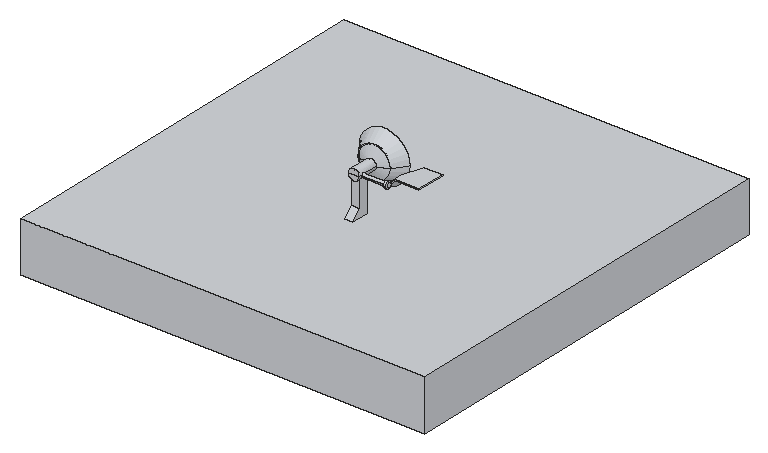
Revit family "M_Lavador de olho de emergência", category Peças hidrossanitárias, Revit 2019
Family settings
  Hospedeiro = Face
  Cota do conector redondo = Usar raio
  Tipo de parte = Normal
  Número OmniClass = 23.45.05.14.24
  Título OmniClass = Eye Wash Fountains
  ID de item do Seek = Emergency Eye Wash-0000-CAN-ENU
  Corte com vazios quando carregada = Não
  Compartilhado = Não
  Ponto de cálculo do ambiente = Não
Parameters (values of type "Padrão")
  Raio do sanitário = 16 mm
  Diâmetro do sanitário = Raio do sanitário * 2  # 32 mm
  WFU = 3
  Material da cabeça da mola = none
  HWFU = 0
  Pressão do fluxo [instance] = 206843.0 Pa
  Material do lavador de olhos = none
  Elevação-padrão = 1000 mm
  Raio da água gelada = 7.5 mm
  Diâmetro da água gelada = Raio da água gelada * 2  # 15 mm
  CWFU = 2
  Material da fita = none
Reference planes
  plane 1 "Centro (Frente/Trás)": y = 0
  plane 2: z = 0
  plane 3 "Centro (Esquerda/Direita)": x = 0
  plane 4: z = 228.6
  plane 5: x = -152.4
  plane 6: x = -97.631
  plane 7: y = -76.2
  plane 8: y = -101.6
  plane 9: x = -31.75
  plane 10: y = -228.6
  plane 11: y = -266.7
  plane 12: y = -215.9
  plane 13: y = -165.1
  plane 14: y = -203.2
  plane 15: x = 190.5
  plane 16: x = 188.119
  plane 17: z = 209.55
  plane 18: z = 50.8
  plane 19: x = -25.4
  plane 20: x = 25.4
  plane 21: y = -184.15
  plane 22: y = -222.25
  plane 23: y = 30.162
  plane 24: y = -88.9
  plane 25: y = -146.05
  plane 26: x = 327.819
  plane 27: x = 213.519
  plane 28: z = 230.187
  plane 29: z = 227.012
  plane 30: x = 85.725
  plane 31: y = -38.894
  plane 32: x = 53.181
  plane 33: x = 175.419
Forms (mm)
  Extrusion 1, solid
    sketch origin (0, 0, 0) x (1, 0, 0) y (0, 1, 0)
      loop
        line (-1219.2, 1219.2) -> (-1219.2, -1219.2) -> (1219.2, -1219.2) -> (1219.2, 1219.2) -> (-1219.2, 1219.2)
    from 0 to -304.8
  Revolve 2, solid, material <- "Material do lavador de olhos"
    sketch origin (1621.138, 0, 228.6) x (1, 0, 0) y (0, 1, 0)
      loop
        line (-1773.538, 0) -> (-1718.769, -76.2) -> (-1713.882, -76.2) -> (-1768.65, 0) -> (-1773.538, 0)
      axis (-1621.138, 0) -> (-1621.138, -76.2)
    angle from 0 to 360
  Revolve 3, solid, material <- "Material do lavador de olhos"
    sketch origin (1621.138, 0, 228.6) x (1, 0, 0) y (0, 1, 0)
      loop
        line (-1718.769, -76.2) -> (-1652.888, -101.6) -> (-1652.888, -228.6) -> (-1621.138, -228.6) -> (-1621.138, -76.2) -> (-1718.769, -76.2)
      axis (-1621.138, -76.2) -> (-1621.138, -228.6)
    angle from 0 to 360
  Extrusion 4, solid, material <- "Material do lavador de olhos"
    sketch origin (0, 0, 0) x (0, 1, 0) y (0, 0, 1)
      loop
        circle (-203.2, 228.6) r 10.716
    from 0 to 190.5
  Extrusion 5, solid, material <- "Material do lavador de olhos"
    sketch origin (0, 0, 0) x (0, 1, 0) y (0, 0, 1)
      loop
        circle (-203.2, 228.6) r 19.05
    from 175.419 to 188.119
  Extrusion 6, solid, material <- "Material do lavador de olhos"
    sketch origin (0, 0, 0) x (0, 1, 0) y (0, 0, 1)
      loop
        line (-215.9, 209.55) -> (-215.9, 50.8) -> (-266.7, 0) -> (-165.1, 0) -> (-165.1, 209.55) -> (-215.9, 209.55)
    from -25.4 to 25.4
  Extrusion 7, solid, material <- "Material da fita"
    sketch origin (1621.138, 0, 228.6) x (1, 0, 0) y (0, 1, 0)
      loop
        line (-1407.619, 30.162) -> (-1445.719, -88.9) -> (-1445.719, -184.15) -> (-1433.019, -184.15) -> (-1433.019, -146.05) -> (-1293.319, -146.05) -> (-1293.319, 30.162) -> (-1407.619, 30.162)
    from -1.588 to 1.588
  Sweep 8, solid, material <- "Material do lavador de olhos"
    path origin (1621.138, 0, 228.6) x (1, 0, 0) y (0, 1, 0)
      loop
        line (-1535.413, -76.2) -> (-1535.413, -38.894)
        arc (-1535.413, -38.894) -> (-1536.522, -30.471) -> (-1539.773, -22.622) r 32.544
        line (-1539.773, -22.622) -> (-1558.426, 9.686)
    profile origin (85.725, -57.547, 228.6) x (-1, 0, 0) y (0, 0, 1)
      loop
        circle (0, 0) r 6.35
  Sweep 9, solid, material <- "Material da cabeça da mola"
    path origin (1621.138, 0, 228.6) x (1, 0, 0) y (0, 1, 0)
      loop
        line (-1558.426, 9.686) -> (-1564.776, 20.685)
    profile origin (59.537, 15.186, 228.6) x (-0.866025, -0.5, 0) y (0, 0, 1)
      loop
        circle (0, 0) r 12.7
  Sweep 10, solid, material <- "Material do lavador de olhos"
    path origin (-1621.138, 0, 228.6) x (-1, 0, 0) y (0, -1, 0)
      loop
        line (-1535.413, 76.2) -> (-1535.413, 38.894)
        arc (-1535.413, 38.894) -> (-1536.522, 30.471) -> (-1539.773, 22.622) r 32.544
        line (-1539.773, 22.622) -> (-1558.426, -9.686)
    profile origin (-85.725, -57.547, 228.6) x (-1, 0, 0) y (0, 0, 1)
      loop
        circle (0, 0) r 6.35
  Sweep 11, solid, material <- "Material da cabeça da mola"
    path origin (-1621.138, 0, 228.6) x (-1, 0, 0) y (0, -1, 0)
      loop
        line (-1558.426, -9.686) -> (-1564.776, -20.685)
    profile origin (-59.537, 15.186, 228.6) x (-0.866025, 0.5, 0) y (0, 0, 1)
      loop
        circle (0, 0) r 12.7
Cuts and joins
  joined: Revolve 3, Extrusion 4, Extrusion 5, Extrusion 6
Dimensions and locks
  locked: plane 4 to plane 2 at 228.6
  locked: plane 5 to plane 3 "Centro (Esquerda/Direita)" at 152.4
  locked: plane 6 to plane 3 "Centro (Esquerda/Direita)" at 97.631
  locked: plane 7 to plane 1 "Centro (Frente/Trás)" at 76.2
  locked: plane 8 to plane 7 at 25.4
  locked: plane 9 to plane 3 "Centro (Esquerda/Direita)" at 31.75
  locked: plane 10 to plane 8 at 127
  locked: plane 12 to plane 10 at 12.7
  locked: plane 13 to plane 12 at 50.8
  locked: plane 13 to plane 11 at 101.6
  locked: plane 14 to plane 10 at 25.4
  locked: plane 17 to plane 4 at 19.05
  locked: plane 17 to plane 18 at 158.75
  locked: plane 19 to plane 3 "Centro (Esquerda/Direita)" at 25.4
  locked: plane 3 "Centro (Esquerda/Direita)" to plane 20 at 25.4
  locked: plane 21 to plane 14 at 19.05
  locked: plane 23 to plane 22 at 252.413
  locked: plane 23 to plane 24 at 119.063
  locked: plane 23 to plane 25 at 176.213
  locked: plane 3 "Centro (Esquerda/Direita)" to plane 26 at 327.819
  locked: plane 3 "Centro (Esquerda/Direita)" to plane 27 at 213.519
  locked: plane 4 to plane 28 at 1.588
  locked: plane 29 to plane 4 at 1.587
  locked: plane 3 "Centro (Esquerda/Direita)" to plane 30 at 85.725
  locked: plane 31 to plane 7 at 37.306
  locked: plane 32 to plane 30 at 32.544
  locked: cut or joined group of Revolve 3, Extrusion 4, Extrusion 5, Extrusion 6 to connector elem at 15.081
  locked: connector elem to plane 11 at 50.8
  locked: plane 3 "Centro (Esquerda/Direita)" to plane 15 at 190.5
  locked: plane 16 to plane 15 at 2.381
  locked: plane 33 to plane 16 at 12.7
  aligned and locked: plane 2 to Extrusion 1
  aligned and locked: level to Extrusion 1
  aligned and locked: plane 5 to Revolve 2 sketch curve
  aligned and locked: plane 1 "Centro (Frente/Trás)" to Revolve 2 sketch curve  (x4)
  aligned and locked: plane 7 to Revolve 2 sketch curve  (x2)
  aligned and locked: plane 6 to Revolve 2 sketch curve
  aligned and locked: Revolve 2 sketch curve to plane 7
  aligned and locked: Revolve 2 sketch curve to plane 3 "Centro (Esquerda/Direita)"
  aligned and locked: plane 7 to Revolve 3 sketch curve  (x2)
  aligned and locked: plane 6 to Revolve 3 sketch curve
  aligned and locked: plane 8 to Revolve 3 sketch curve
  aligned and locked: plane 9 to Revolve 3 sketch curve
  aligned and locked: Revolve 3 sketch curve to plane 9
  aligned and locked: plane 3 "Centro (Esquerda/Direita)" to Revolve 3 sketch curve
  aligned and locked: Revolve 3 sketch curve to plane 10
  aligned and locked: Revolve 3 sketch curve to Revolve 3 sketch curve  (x2)
  aligned and locked: plane 14 to Extrusion 4 sketch curve
  aligned and locked: plane 4 to Extrusion 4 sketch curve
  aligned and locked: plane 15 to Extrusion 4
  aligned and locked: plane 14 to Extrusion 5 sketch curve
  aligned and locked: plane 4 to Extrusion 5 sketch curve
  aligned and locked: plane 16 to Extrusion 5
  aligned and locked: plane 17 to Extrusion 6 sketch curve
  aligned and locked: Extrusion 6 sketch curve to plane 13
  aligned and locked: plane 12 to Extrusion 6 sketch curve  (x2)
  aligned and locked: Extrusion 6 sketch curve to plane 2
  aligned and locked: plane 18 to Extrusion 6 sketch curve
  aligned and locked: plane 11 to Extrusion 6 sketch curve
  aligned and locked: plane 2 to Extrusion 6 sketch curve
  aligned and locked: Extrusion 6 to plane 19
  aligned and locked: plane 20 to Extrusion 6
  aligned and locked: Extrusion 7 sketch curve to plane 23
  aligned and locked: Extrusion 7 sketch curve to plane 26
  aligned and locked: plane 25 to Extrusion 7 sketch curve
  aligned and locked: Extrusion 7 sketch curve to plane 16
  aligned and locked: plane 21 to Extrusion 7 sketch curve
  aligned and locked: plane 27 to Extrusion 7 sketch curve  (x2)
  aligned and locked: plane 23 to Extrusion 7 sketch curve  (x2)
  aligned and locked: Extrusion 7 to plane 28
  aligned and locked: plane 29 to Extrusion 7
  aligned and locked: plane 31 to Sweep 8 sketch curve
  aligned and locked: plane 32 to Sweep 8 sketch curve
  aligned and locked: plane 30 to Sweep 8 sketch curve
  aligned and locked: plane 4 to Sweep 8 sketch curve
  aligned and locked: Extrusion 7 sketch curve to plane 33
  aligned and locked: plane 24 to Extrusion 7 sketch curve
  aligned and locked: plane 33 to Extrusion 7 sketch curve
  aligned and locked: cut or joined group of Revolve 3, Extrusion 4, Extrusion 5, Extrusion 6 to plane 33
Connectors
  piping at (0, -180.181, 0), diameter 15, driven by "CWFU", driven by "Raio da água gelada", driven by "Pressão do fluxo"
    settings: on plane 2, index 1, connector inside diameter 15 mm, connector length 0 mm, flow factor 0, pipe flow 0.0 L/s, pressure drop 206843.0 Pa, fitting loss kfactor 0, connector angle 0.00°, fixture units 2, engagement length 0 mm, angle of deflection 0.00°, flow configuration 3, flow direction 1, fitting loss method 4, system type 20, joint type 0, gender type 0, connector reference index -1, connector utility 0, adjustable connector no, is connector primary yes, connector description "In"
  piping at (0, -215.9, 0), diameter 32, driven by "WFU", driven by "Raio do sanitário"
    settings: on plane 2, index 2, connector inside diameter 32 mm, connector length 0 mm, flow factor 0, pipe flow 0.0 L/s, pressure drop 0.0 Pa, fitting loss kfactor 0, connector angle 0.00°, fixture units 3, engagement length 0 mm, angle of deflection 0.00°, flow configuration 3, flow direction 2, fitting loss method 0, system type 16, joint type 0, gender type 0, connector reference index -1, connector utility 0, adjustable connector yes, is connector primary no, connector description "Saída"
